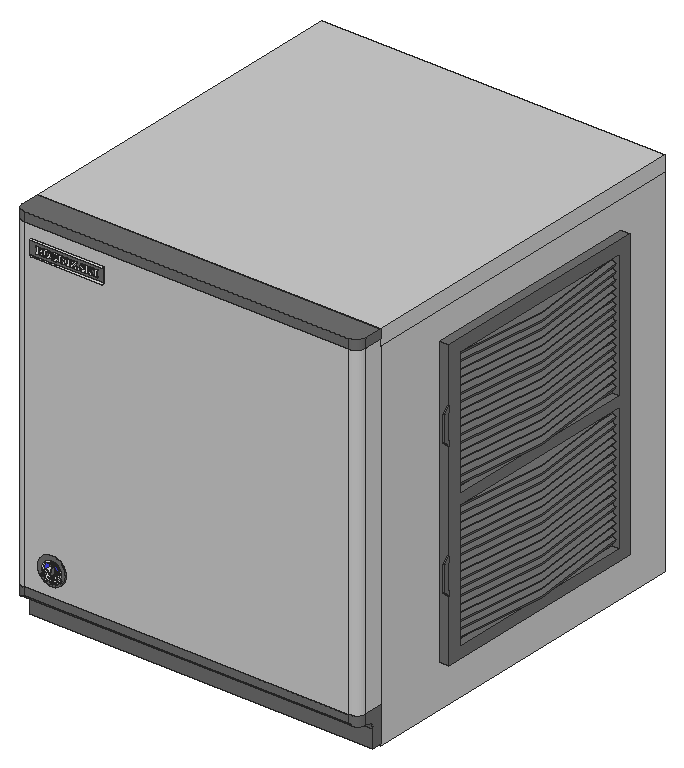
Revit family "QF_HOSHIZAKI_KMD-270ABE-R452", category Specialty Equipment, Revit 2016
Family settings
  Part Type = Normal
  Round Connector Dimension = Use Diameter
  OmniClass Number = 23.40.40.14
  OmniClass Title = Food Service Equipment
  Work Plane-Based = No
  Always vertical = Yes
  Cut with Voids When Loaded = No
  Shared = No
  Room Calculation Point = No
Parameters (values of type "KMD-270ABE-R452_230V/1Ph/50Hz")
  Weight = 57.00 kg
  Waste Remarks [instance] = ""
  Volts = 230 V
  URL Cutsheet = ""
  URL = "www.hoshizaki-europe.com"
  Status [instance] = ""
  Specification by User [instance] = ""
  Specification by Manufacturer [instance] = ""
  Serial Number = ""
  Seismic Rating = ""
  SMACNA No = ""
  Revision Code [instance] = ""
  Phase = 1
  Number of Poles = 2
  NAFEM Spec ID Number = ""
  Model = "KMD-270ABE-R452"
  Min Ckt Ampacity = 0 A
  Max Overcurrent Protection = 0 A
  Masterspec = ""
  Manufacturer = "HOSHIZAKI"
  Length Actual = 560 mm
  Item Number [instance] = ""
  Installed By [instance] = ""
  Indirect Waste Size = 19.05 mm
  Indirect Waste Connection Type [instance] = ""
  Indirect Waste Connection Height [instance] = 31 mm
  Identify Quantity as Lot [instance] = no
  Height Actual = 610 mm
  HP power = ""
  Furnished By [instance] = ""
  Foodservice Equipment Identifier [instance] = yes
  FL Amps = 4.2 A
  Electric power = 984 W
  Electric Connection Type [instance] = ""
  Elec Conn RI Height [instance] = 0 mm
  Elec Conn Connection Height [instance] = 587 mm
  Direct Waste RI Height [instance] = 0 mm
  Description = "MODULAR KM ICE MAKER, 275KG PER 24 HOURS, CRESCENT"
  Depth Actual = 625 mm
  Cycle = 50 Hz
  Cost = 0
  Conn Plug = ""
  Conn Conduit = no
  Cold Water Temperature Recommended = 0 °C
  Cold Water Size = 12.7 mm
  Cold Water Flow = 0.0 L/s
  Cold Water Connection Height [instance] = 546 mm
  CSI MasterFormat = ""
  Assembly Code = "E1090320"
  Apparent Power = 984 VA
  Accessory = no
Reference planes
  plane 1 "Center (Front/Back)": y = 0
  plane 2: z = 0
  plane 3 "Center (Left/Right)": x = 0
Forms (mm)
  Extrusion 1, solid, not visible
    sketch origin (506, -2, 586) x (1, 0, 0) y (0, 1, 0)
      loop
        line (0, 0) -> (2, 0) -> (2, 2) -> (0, 2) -> (0, 0)
    from 0 to 2
  Extrusion 2, solid, not visible
    sketch origin (323, -2, 545) x (1, 0, 0) y (0, 1, 0)
      loop
        line (0, 0) -> (2, 0) -> (2, 2) -> (0, 2) -> (0, 0)
    from 0 to 2
  Extrusion 3, solid, not visible
    sketch origin (385, -2, 30) x (1, 0, 0) y (0, 1, 0)
      loop
        line (0, 0) -> (2, 0) -> (2, 2) -> (0, 2) -> (0, 0)
    from 0 to 2
Dimensions and locks
  aligned and locked: level to plane 2
Nested families
  nested 1: "QF_HOSHIZAKI_KMD-270ABE-R452_230V_1Ph_50Hz" at (0, 0, 0), type "KMD-270ABE-R452_230V/1Ph/50Hz"
    with Show Logo yes, Show Clearance yes
Connectors
  electrical at (507, 0, 587), driven by "Apparent Power", driven by "Number of Poles", driven by "Volts"
    settings: on Extrusion 1, index 1, voltage 230 V, apparent load 0 VA, apparent load phase1 984 VA, apparent load phase2 0 VA, apparent load phase3 0 VA, power factor 1, load classification "Other", number of poles 2, system type 31, power factor state 1, is connector primary yes, connector utility no, sub classification motor no, connector description "Electric connection for 'KMD-270ABE-R452'"
  piping at (324, 0, 546), diameter 12.7, driven by "Cold Water Size", driven by "Cold Water Flow"
    settings: on Extrusion 2, index 2, connector inside diameter 609.6 mm, connector length 0 mm, flow factor 0, pipe flow 0.0 L/s, pressure drop 0.0 Pa, fitting loss kfactor 0, connector angle 0.00°, fixture units 0, engagement length 0 mm, angle of deflection 0.00°, flow configuration 1, flow direction 1, fitting loss method 0, system type 20, joint type 0, gender type 0, connector reference index -1, connector utility 0, adjustable connector no, is connector primary yes, connector description "Cold Water connection for 'KMD-270ABE-R452'"
  piping at (386, 0, 31), diameter 19.05, driven by "Indirect Waste Size"
    settings: on Extrusion 3, index 3, connector inside diameter 609.6 mm, connector length 0 mm, flow factor 0, pipe flow 0.0 L/s, pressure drop 0.0 Pa, fitting loss kfactor 0, connector angle 0.00°, fixture units 0, engagement length 0 mm, angle of deflection 0.00°, flow configuration 1, flow direction 2, fitting loss method 0, system type 16, joint type 0, gender type 0, connector reference index -1, connector utility 0, adjustable connector no, is connector primary no, connector description "Drain connection for 'KMD-270ABE-R452'"
Definition of nested family "QF_HOSHIZAKI_KMD-270ABE-R452_230V_1Ph_50Hz"
  Parameters (values of type "KMD-270ABE-R452_230V/1Ph/50Hz")
    URL = "www.hoshizaki-europe.com"
    Show Logo [instance] = yes
    Show Clearance [instance] = yes
    Model = "KMD-270ABE-R452"
    Manufacturer = "HOSHIZAKI"
    Description = "MODULAR KM ICE MAKER, 275KG PER 24 HOURS, CRESCENT"
    Assembly Code = "E1090320"
  Reference planes
    plane 1 "Back": y = 0
    plane 2: z = 0
    plane 3 "Left": x = 0
    plane 4 "Right": x = 560
    plane 5 "Front": y = -625
    plane 6 "Top": z = 610
  Forms (mm)
    Extrusion 1, solid
      sketch origin (0, 0, 40) x (0, 1, 0) y (0, 0, 1)
        loop
          line (0, -40) -> (0, 545) -> (-580, 545) -> (-580, -40) -> (0, -40)
      from 0 to 560
    Extrusion 2, solid
      sketch origin (0, 0, -85) x (0, 1, 0) y (0, 0, 1)
        loop
          line (-580, 695) -> (-580, 670) -> (0, 670) -> (0, 695) -> (-580, 695)
      from 560 to 0
    Extrusion 3, solid
      sketch origin (386, 5, 31) x (1, 0, 0) y (0, 0, 1)
        loop
          circle (0, 0) r 14
        loop
          circle (0, 0) r 12
      from 0 to 5
    Extrusion 4, solid
      sketch origin (324, 5, 546) x (1, 0, 0) y (0, 0, 1)
        loop
          circle (0, 0) r 14
        loop
          circle (0, 0) r 12
      from 0 to 5
    Extrusion 5, solid, visible <- "Show Logo"
      sketch origin (0, -625, 0) x (-1, 0, 0) y (0, 0, 1)
        loop
          line (-34.966, 567.015) -> (-40.766, 567.015) -> (-40.766, 565.73) -> (-38.944, 564.902) -> (-38.944, 562.682) -> (-43.554, 562.682) -> (-43.554, 564.902) -> (-41.731, 565.73) -> (-41.731, 567.015) -> (-47.532, 567.015) -> (-47.532, 565.73) -> (-46.098, 564.902) -> (-46.098, 558.114) -> (-47.532, 557.286) -> (-47.532, 556) -> (-41.731, 556) -> (-41.731, 557.286) -> (-43.554, 558.114) -> (-43.554, 560.673) -> (-38.944, 560.673) -> (-38.944, 558.114) -> (-40.766, 557.286) -> (-40.766, 556) -> (-34.966, 556) -> (-34.966, 557.286) -> (-36.4, 558.114) -> (-36.4, 564.902) -> (-34.966, 565.73) -> (-34.966, 567.015)
        loop
          spline (-53.399, 556.042) -> (-51.878, 556.229) -> (-50.461, 556.777) -> (-49.244, 557.649) -> (-48.31, 558.785) -> (-47.723, 560.108) -> (-47.523, 561.528) -> (-47.723, 562.949) -> (-48.31, 564.272) -> (-49.244, 565.408) -> (-50.461, 566.28) -> (-51.878, 566.828) -> (-53.399, 567.015)
          spline (-53.399, 567.015) -> (-54.92, 566.828) -> (-56.337, 566.28) -> (-57.554, 565.408) -> (-58.488, 564.272) -> (-59.075, 562.949) -> (-59.276, 561.528) -> (-59.075, 560.108) -> (-58.488, 558.785) -> (-57.554, 557.649) -> (-56.337, 556.777) -> (-54.92, 556.229) -> (-53.399, 556.042)
        loop
          spline (-53.299, 557.388) -> (-52.547, 557.529) -> (-51.847, 557.943) -> (-51.245, 558.601) -> (-50.784, 559.458) -> (-50.493, 560.457) -> (-50.394, 561.528) -> (-50.493, 562.6) -> (-50.784, 563.598) -> (-51.245, 564.456) -> (-51.847, 565.114) -> (-52.547, 565.527) -> (-53.299, 565.668)
          spline (-53.299, 565.668) -> (-54.051, 565.527) -> (-54.752, 565.114) -> (-55.353, 564.456) -> (-55.815, 563.598) -> (-56.105, 562.6) -> (-56.204, 561.528) -> (-56.105, 560.457) -> (-55.815, 559.458) -> (-55.353, 558.601) -> (-54.752, 557.943) -> (-54.051, 557.529) -> (-53.299, 557.388)
        loop
          line (-69.829, 567.094) -> (-69.829, 563.369) -> (-68.139, 563.369) -> (-66.541, 565.495)
          arc (-66.541, 565.495) -> (-65.019, 565.695) -> (-63.498, 565.495) r 5.879
          arc (-63.498, 565.495) -> (-62.682, 564.432) -> (-63.498, 563.369) r 1.1
          line (-63.498, 563.369) -> (-69.29, 561.817)
          arc (-69.29, 561.817) -> (-70.234, 559.317) -> (-69.29, 556.817) r 3.783
          arc (-69.29, 556.817) -> (-65.84, 555.742) -> (-62.391, 556.817) r 6.071
          line (-62.391, 556.817) -> (-61.743, 556.17) -> (-59.855, 556.17) -> (-59.855, 559.779) -> (-61.862, 559.779) -> (-63.839, 557.802)
          arc (-63.839, 557.802) -> (-65.344, 557.537) -> (-66.85, 557.802) r 4.401
          arc (-66.85, 557.802) -> (-67.476, 558.697) -> (-66.85, 559.592) r 0.953
          line (-66.85, 559.592) -> (-61.612, 561.499)
          arc (-61.612, 561.499) -> (-59.989, 563.999) -> (-61.612, 566.499) r 2.737
          arc (-61.612, 566.499) -> (-64.578, 567.129) -> (-67.544, 566.499) r 7.289
          line (-67.544, 566.499) -> (-68.139, 567.094) -> (-69.829, 567.094)
        loop
          line (-71.301, 567.015) -> (-77.102, 567.015) -> (-77.102, 565.73) -> (-75.279, 564.902) -> (-75.279, 562.682) -> (-79.89, 562.682) -> (-79.89, 564.902) -> (-78.067, 565.73) -> (-78.067, 567.015) -> (-83.867, 567.015) -> (-83.867, 565.73) -> (-82.433, 564.902) -> (-82.433, 558.114) -> (-83.867, 557.286) -> (-83.867, 556) -> (-78.067, 556) -> (-78.067, 557.286) -> (-79.89, 558.114) -> (-79.89, 560.673) -> (-75.279, 560.673) -> (-75.279, 558.114) -> (-77.102, 557.286) -> (-77.102, 556) -> (-71.301, 556) -> (-71.301, 557.286) -> (-72.736, 558.114) -> (-72.736, 564.902) -> (-71.301, 565.73) -> (-71.301, 567.015)
        loop
          line (-90.776, 567.015) -> (-90.776, 565.73) -> (-89.342, 564.902) -> (-89.342, 558.114) -> (-90.776, 557.286) -> (-90.776, 556) -> (-84.989, 556) -> (-84.989, 557.286) -> (-86.423, 558.114) -> (-86.423, 564.902) -> (-84.989, 565.73) -> (-84.989, 567.015) -> (-90.776, 567.015)
        loop
          line (-92.073, 567.015) -> (-101.842, 567.015) -> (-101.842, 565.297) -> (-95.543, 557.791) -> (-98.873, 557.791) -> (-100.144, 558.681) -> (-100.144, 560.456) -> (-101.842, 560.456) -> (-101.842, 556) -> (-92.073, 556) -> (-92.073, 557.791) -> (-97.907, 564.744) -> (-97.907, 565.637) -> (-94.625, 565.637) -> (-93.746, 564.758) -> (-93.746, 562.341) -> (-92.073, 562.341) -> (-92.073, 567.015)
        loop
          line (-102.808, 556) -> (-102.808, 557.427) -> (-103.934, 557.427) -> (-107.808, 567.015) -> (-109.97, 567.015) -> (-113.886, 557.791) -> (-114.741, 557.791) -> (-114.741, 556) -> (-109.113, 556) -> (-109.113, 557.427) -> (-110.221, 557.427) -> (-111.13, 558.335) -> (-110.247, 559.596) -> (-106.153, 559.596) -> (-105.593, 558.058) -> (-106.224, 557.427) -> (-107.808, 557.427) -> (-107.808, 556) -> (-102.808, 556)
        loop
          line (-115.159, 567.015) -> (-120.444, 567.015) -> (-120.444, 565.595) -> (-119.405, 565.595) -> (-119.405, 561.351) -> (-123.648, 565.595) -> (-122.274, 565.595) -> (-122.274, 567.015) -> (-127.274, 567.015) -> (-127.274, 565.595) -> (-125.79, 565.595) -> (-123.002, 562.806) -> (-127.274, 557.791) -> (-128.486, 557.791) -> (-128.486, 556) -> (-122.274, 556) -> (-122.274, 557.791) -> (-123.993, 557.791) -> (-120.99, 560.794) -> (-119.405, 559.209) -> (-119.405, 557.791) -> (-120.444, 557.791) -> (-120.444, 556) -> (-115.444, 556) -> (-115.444, 557.791) -> (-116.869, 557.791) -> (-116.869, 565.595) -> (-115.159, 565.595) -> (-115.159, 567.015)
        loop
          line (-135, 567.015) -> (-135, 565.73) -> (-133.566, 564.902) -> (-133.566, 558.114) -> (-135, 557.286) -> (-135, 556) -> (-129.213, 556) -> (-129.213, 557.286) -> (-130.648, 558.114) -> (-130.648, 564.902) -> (-129.213, 565.73) -> (-129.213, 567.015) -> (-135, 567.015)
        loop
          line (-108.15, 564.538) -> (-109.61, 561.096) -> (-106.759, 561.096) -> (-108.15, 564.538)
      from 1 to -1.5
    Extrusion 6, solid, visible <- "Show Logo"
      sketch origin (0, -625, 0) x (-1, 0, 0) y (0, 0, 1)
        loop
          line (-25, 572) -> (-145, 572) -> (-145, 551) -> (-25, 551) -> (-25, 572)
      from 1 to -1
    Extrusion 7, solid, visible <- "Show Logo"
      sketch origin (0, -625, 0) x (-1, 0, 0) y (0, 0, 1)
        loop
          line (-28, 575) -> (-142, 575)
          arc (-142, 575) -> (-144.121, 574.121) -> (-145, 572) r 3
          line (-145, 572) -> (-25, 572)
          arc (-25, 572) -> (-25.879, 574.121) -> (-28, 575) r 3
        loop
          line (-142, 548) -> (-28, 548)
          arc (-28, 548) -> (-25.879, 548.879) -> (-25, 551) r 3
          line (-25, 551) -> (-145, 551)
          arc (-145, 551) -> (-144.121, 548.879) -> (-142, 548) r 3
      from 1 to -1
    Extrusion 8, solid
      sketch origin (0, 0, 0) x (1, 0, 0) y (0, 1, 0)
        loop
          line (15, -625) -> (545, -625)
          arc (545, -625) -> (555.607, -620.607) -> (560, -610) r 15
          line (560, -610) -> (560, -580) -> (0, -580) -> (0, -610)
          arc (0, -610) -> (4.393, -620.607) -> (15, -625) r 15
      from 595 to 610
    Extrusion 9, solid
      sketch origin (0, 0, 2) x (1, 0, 0) y (0, 1, 0)
        loop
          line (0, -580) -> (0, -610)
          arc (0, -610) -> (4.393, -620.607) -> (15, -625) r 15
          line (15, -625) -> (545, -625)
          arc (545, -625) -> (555.607, -620.607) -> (560, -610) r 15
          line (560, -610) -> (560, -580) -> (0, -580)
      from 593 to 58
    Extrusion 10, solid, visible <- "Show Logo"
      sketch origin (519.884, -624.5, -1762.5) x (-1, 0, 0) y (0, 0, -1)
        loop
          circle (459.884, -1862.5) r 13.99
      from -0.5 to 2
    Extrusion 11, solid, visible <- "Show Logo"
      sketch origin (519.884, -625, -1762.5) x (-1, 0, 0) y (0, 0, -1)
        loop
          circle (459.884, -1862.5) r 15
        loop
          arc (446.884, -1862.5) -> (460.705, -1875.474) -> (472.781, -1860.863) r 13
          line (472.781, -1860.863) -> (470.355, -1858.437) -> (469.346, -1862.201) -> (466.355, -1863.928) -> (465.024, -1865.26) -> (463.375, -1865.26) -> (462.04, -1870.241) -> (457.755, -1870.241) -> (459.339, -1867.979) -> (460.402, -1864.014) -> (461.224, -1860.945) -> (462.416, -1856.497) -> (461.216, -1855.297) -> (459.433, -1857.843) -> (455.784, -1851.523) -> (460.361, -1851.523) -> (461.471, -1853.446) -> (469.213, -1853.446)
          arc (469.213, -1853.446) -> (460.394, -1849.51) -> (451.293, -1852.743) r 13
          line (451.293, -1852.743) -> (455.577, -1853.891) -> (453.752, -1856.497) -> (455.349, -1856.497) -> (454.477, -1866.459) -> (452.538, -1866.459) -> (446.884, -1862.5)
        loop
          line (447.853, -1857.467) -> (452.313, -1861.926) -> (450.144, -1853.891)
          arc (450.144, -1853.891) -> (448.878, -1855.602) -> (447.853, -1857.467) r 15.828
        loop
          line (463.583, -1862.877) -> (466.64, -1862.399) -> (464.901, -1861.285) -> (463.583, -1857.664) -> (463.583, -1862.877)
        loop
          line (464.827, -1855.979) -> (468.296, -1856.908) -> (469.573, -1854.916) -> (468.881, -1854.224) -> (467.914, -1855.035) -> (464.827, -1855.979)
        loop
          line (462.609, -1872.307) -> (462.609, -1874.009) -> (464.927, -1873.388) -> (462.609, -1872.307)
        loop
          line (460.361, -1874.662) -> (459.594, -1873.335) -> (460.801, -1872.638) -> (459.186, -1872.205) -> (458.298, -1874.11) -> (460.361, -1874.662)
        loop
          line (459.623, -1846.783) -> (460.706, -1845.701) -> (462.247, -1845.701) -> (461.191, -1844.645) -> (461.503, -1842.874) -> (459.623, -1843.959) -> (457.743, -1842.874) -> (458.055, -1844.645) -> (456.999, -1845.701) -> (458.54, -1845.701) -> (459.623, -1846.783)
        loop
          line (446.86, -1853.7) -> (446.594, -1852.191) -> (447.478, -1850.929) -> (446.007, -1851.188) -> (444.736, -1849.917) -> (444.547, -1852.08) -> (442.579, -1852.997) -> (444.209, -1853.757) -> (444.468, -1855.228) -> (445.352, -1853.965) -> (446.86, -1853.7)
        loop
          line (452.395, -1848.68) -> (452.856, -1847.219) -> (454.223, -1846.508) -> (452.799, -1846.059) -> (452.258, -1844.344) -> (451.091, -1846.175) -> (448.922, -1846.08) -> (450.017, -1847.507) -> (449.568, -1848.931) -> (450.935, -1848.219) -> (452.395, -1848.68)
        loop
          line (472.909, -1853.7) -> (474.417, -1853.965) -> (475.301, -1855.228) -> (475.56, -1853.757) -> (477.19, -1852.997) -> (475.222, -1852.08) -> (475.033, -1849.917) -> (473.761, -1851.188) -> (472.291, -1850.929) -> (473.175, -1852.191) -> (472.909, -1853.7)
        loop
          line (467.374, -1848.68) -> (468.834, -1848.219) -> (470.201, -1848.931) -> (469.752, -1847.507) -> (470.847, -1846.08) -> (468.678, -1846.175) -> (467.511, -1844.344) -> (466.97, -1846.059) -> (465.546, -1846.508) -> (466.913, -1847.219) -> (467.374, -1848.68)
      from 0 to 2
    Extrusion 12, solid, visible <- "Show Logo"
      sketch origin (519.884, -625, -1762.5) x (-1, 0, 0) y (0, 0, -1)
        loop
          line (462.609, -1874.009) -> (462.609, -1872.307) -> (462.085, -1870.241) -> (457.755, -1870.241) -> (459.339, -1867.979) -> (462.416, -1856.497) -> (461.216, -1855.297) -> (459.433, -1857.843) -> (455.808, -1851.565) -> (453.948, -1851.565) -> (455.577, -1853.891) -> (454.477, -1866.459) -> (456.345, -1871.339)
          arc (456.345, -1871.339) -> (456.868, -1874.025) -> (459.213, -1875.435) r 3.366
          arc (459.213, -1875.435) -> (460.198, -1875.496) -> (461.183, -1875.435) r 8.046
          line (461.183, -1875.435) -> (462.609, -1874.009)
        loop
          line (456.854, -1851.523) -> (460.361, -1851.523) -> (460.916, -1852.485) -> (462.702, -1852.485) -> (463.779, -1851.407) -> (460.623, -1851.407) -> (461.563, -1850.468) -> (456.245, -1850.468) -> (456.854, -1851.523)
        loop
          line (460.361, -1874.662) -> (459.594, -1873.335) -> (460.801, -1872.638) -> (459.186, -1872.205) -> (458.298, -1874.11) -> (460.361, -1874.662)
      from 0 to 2
    Extrusion 13, solid, visible <- "Show Logo"
      sketch origin (-265.5, -624, -338.904) x (1, 0, 0) y (0, 0, 1)
        loop
          circle (325.5, 438.904) r 22.5
      from 0 to 2
    Extrusion 14, solid
      sketch origin (432, -990, 209.5) x (-1, 0, 0) y (0, 0, 1)
        loop
          line (-128, 310.5) -> (-131, 310.5) -> (-131, -121.474) -> (-128, -121.474) -> (-128, 310.5)
      from 878 to 552
    Extrusion 15, solid
      sketch origin (560, -475, 61) x (0, -1, 0) y (0, 0, 1)
        loop
          line (-15, 9) -> (-15, 479) -> (-385, 479) -> (-385, 9) -> (-15, 9)
        loop
          line (-37, 459) -> (-363, 459) -> (-363, 251.013) -> (-37, 251.013) -> (-37, 459)
        loop
          line (-363, 27.026) -> (-37, 27.026) -> (-37, 235.013) -> (-363, 235.013) -> (-363, 27.026)
      from 0 to -16
    Extrusion 16, solid
      sketch origin (178.885, -588.25, 735.605) x (0, 1, 0) y (-0.866025, 0, 0.5)
        loop
          line (150.25, -443) -> (150.25, -450.484)
          arc (150.25, -450.484) -> (313.287, -462.644) -> (476.25, -449.54) r 1057.927
          line (476.25, -449.54) -> (476.25, -443) -> (150.25, -443)
      from 2 to 5
    Extrusion 17, solid
      sketch origin (178.885, -588.25, 723.605) x (0, 1, 0) y (-0.866025, 0, 0.5)
        loop
          line (150.25, -443) -> (150.25, -450.484)
          arc (150.25, -450.484) -> (313.287, -462.644) -> (476.25, -449.54) r 1057.927
          line (476.25, -449.54) -> (476.25, -443) -> (150.25, -443)
      from 2 to 5
    Extrusion 18, solid
      sketch origin (178.885, -588.25, 711.605) x (0, 1, 0) y (-0.866025, 0, 0.5)
        loop
          line (150.25, -443) -> (150.25, -450.484)
          arc (150.25, -450.484) -> (313.287, -462.644) -> (476.25, -449.54) r 1057.927
          line (476.25, -449.54) -> (476.25, -443) -> (150.25, -443)
      from 2 to 5
    Extrusion 19, solid
      sketch origin (178.885, -588.25, 699.605) x (0, 1, 0) y (-0.866025, 0, 0.5)
        loop
          line (150.25, -443) -> (150.25, -450.484)
          arc (150.25, -450.484) -> (313.287, -462.644) -> (476.25, -449.54) r 1057.927
          line (476.25, -449.54) -> (476.25, -443) -> (150.25, -443)
      from 2 to 5
    Extrusion 20, solid
      sketch origin (178.885, -588.25, 687.605) x (0, 1, 0) y (-0.866025, 0, 0.5)
        loop
          line (150.25, -443) -> (150.25, -450.484)
          arc (150.25, -450.484) -> (313.287, -462.644) -> (476.25, -449.54) r 1057.927
          line (476.25, -449.54) -> (476.25, -443) -> (150.25, -443)
      from 2 to 5
    Extrusion 21, solid
      sketch origin (178.885, -588.25, 675.605) x (0, 1, 0) y (-0.866025, 0, 0.5)
        loop
          line (150.25, -443) -> (150.25, -450.484)
          arc (150.25, -450.484) -> (313.287, -462.644) -> (476.25, -449.54) r 1057.927
          line (476.25, -449.54) -> (476.25, -443) -> (150.25, -443)
      from 2 to 5
    Extrusion 22, solid
      sketch origin (178.885, -588.25, 663.605) x (0, 1, 0) y (-0.866025, 0, 0.5)
        loop
          line (150.25, -443) -> (150.25, -450.484)
          arc (150.25, -450.484) -> (313.287, -462.644) -> (476.25, -449.54) r 1057.927
          line (476.25, -449.54) -> (476.25, -443) -> (150.25, -443)
      from 2 to 5
    Extrusion 23, solid
      sketch origin (178.885, -588.25, 651.605) x (0, 1, 0) y (-0.866025, 0, 0.5)
        loop
          line (150.25, -443) -> (150.25, -450.484)
          arc (150.25, -450.484) -> (313.287, -462.644) -> (476.25, -449.54) r 1057.927
          line (476.25, -449.54) -> (476.25, -443) -> (150.25, -443)
      from 2 to 5
    Extrusion 24, solid
      sketch origin (178.885, -588.25, 639.605) x (0, 1, 0) y (-0.866025, 0, 0.5)
        loop
          line (150.25, -443) -> (150.25, -450.484)
          arc (150.25, -450.484) -> (313.287, -462.644) -> (476.25, -449.54) r 1057.927
          line (476.25, -449.54) -> (476.25, -443) -> (150.25, -443)
      from 2 to 5
    Extrusion 25, solid
      sketch origin (178.885, -588.25, 627.605) x (0, 1, 0) y (-0.866025, 0, 0.5)
        loop
          line (150.25, -443) -> (150.25, -450.484)
          arc (150.25, -450.484) -> (313.287, -462.644) -> (476.25, -449.54) r 1057.927
          line (476.25, -449.54) -> (476.25, -443) -> (150.25, -443)
      from 2 to 5
    Extrusion 26, solid
      sketch origin (178.885, -588.25, 615.605) x (0, 1, 0) y (-0.866025, 0, 0.5)
        loop
          line (150.25, -443) -> (150.25, -450.484)
          arc (150.25, -450.484) -> (313.287, -462.644) -> (476.25, -449.54) r 1057.927
          line (476.25, -449.54) -> (476.25, -443) -> (150.25, -443)
      from 2 to 5
    Extrusion 27, solid
      sketch origin (178.885, -588.25, 603.605) x (0, 1, 0) y (-0.866025, 0, 0.5)
        loop
          line (150.25, -443) -> (150.25, -450.484)
          arc (150.25, -450.484) -> (313.287, -462.644) -> (476.25, -449.54) r 1057.927
          line (476.25, -449.54) -> (476.25, -443) -> (150.25, -443)
      from 2 to 5
    Extrusion 28, solid
      sketch origin (178.885, -588.25, 591.605) x (0, 1, 0) y (-0.866025, 0, 0.5)
        loop
          line (150.25, -443) -> (150.25, -450.484)
          arc (150.25, -450.484) -> (313.287, -462.644) -> (476.25, -449.54) r 1057.927
          line (476.25, -449.54) -> (476.25, -443) -> (150.25, -443)
      from 2 to 5
    Extrusion 29, solid
      sketch origin (178.885, -588.25, 579.605) x (0, 1, 0) y (-0.866025, 0, 0.5)
        loop
          line (150.25, -443) -> (150.25, -450.484)
          arc (150.25, -450.484) -> (313.287, -462.644) -> (476.25, -449.54) r 1057.927
          line (476.25, -449.54) -> (476.25, -443) -> (150.25, -443)
      from 2 to 5
    Extrusion 30, solid
      sketch origin (178.885, -588.25, 567.605) x (0, 1, 0) y (-0.866025, 0, 0.5)
        loop
          line (150.25, -443) -> (150.25, -450.484)
          arc (150.25, -450.484) -> (313.287, -462.644) -> (476.25, -449.54) r 1057.927
          line (476.25, -449.54) -> (476.25, -443) -> (150.25, -443)
      from 2 to 5
    Extrusion 31, solid
      sketch origin (178.885, -588.25, 555.605) x (0, 1, 0) y (-0.866025, 0, 0.5)
        loop
          line (150.25, -443) -> (150.25, -450.484)
          arc (150.25, -450.484) -> (313.287, -462.644) -> (476.25, -449.54) r 1057.927
          line (476.25, -449.54) -> (476.25, -443) -> (150.25, -443)
      from 2 to 5
    Extrusion 32, solid
      sketch origin (178.885, -588.25, 543.605) x (0, 1, 0) y (-0.866025, 0, 0.5)
        loop
          line (150.25, -443) -> (150.25, -450.484)
          arc (150.25, -450.484) -> (313.287, -462.644) -> (476.25, -449.54) r 1057.927
          line (476.25, -449.54) -> (476.25, -443) -> (150.25, -443)
      from 2 to 5
    Extrusion 33, solid
      sketch origin (178.885, -588.25, 511.618) x (0, 1, 0) y (-0.866025, 0, 0.5)
        loop
          line (150.25, -443) -> (150.25, -450.484)
          arc (150.25, -450.484) -> (313.287, -462.644) -> (476.25, -449.54) r 1057.927
          line (476.25, -449.54) -> (476.25, -443) -> (150.25, -443)
      from 2 to 5
    Extrusion 34, solid
      sketch origin (178.885, -588.25, 499.618) x (0, 1, 0) y (-0.866025, 0, 0.5)
        loop
          line (150.25, -443) -> (150.25, -450.484)
          arc (150.25, -450.484) -> (313.287, -462.644) -> (476.25, -449.54) r 1057.927
          line (476.25, -449.54) -> (476.25, -443) -> (150.25, -443)
      from 2 to 5
    Extrusion 35, solid
      sketch origin (178.885, -588.25, 487.618) x (0, 1, 0) y (-0.866025, 0, 0.5)
        loop
          line (150.25, -443) -> (150.25, -450.484)
          arc (150.25, -450.484) -> (313.287, -462.644) -> (476.25, -449.54) r 1057.927
          line (476.25, -449.54) -> (476.25, -443) -> (150.25, -443)
      from 2 to 5
    Extrusion 36, solid
      sketch origin (178.885, -588.25, 475.618) x (0, 1, 0) y (-0.866025, 0, 0.5)
        loop
          line (150.25, -443) -> (150.25, -450.484)
          arc (150.25, -450.484) -> (313.287, -462.644) -> (476.25, -449.54) r 1057.927
          line (476.25, -449.54) -> (476.25, -443) -> (150.25, -443)
      from 2 to 5
    Extrusion 37, solid
      sketch origin (178.885, -588.25, 463.618) x (0, 1, 0) y (-0.866025, 0, 0.5)
        loop
          line (150.25, -443) -> (150.25, -450.484)
          arc (150.25, -450.484) -> (313.287, -462.644) -> (476.25, -449.54) r 1057.927
          line (476.25, -449.54) -> (476.25, -443) -> (150.25, -443)
      from 2 to 5
    Extrusion 38, solid
      sketch origin (178.885, -588.25, 451.618) x (0, 1, 0) y (-0.866025, 0, 0.5)
        loop
          line (150.25, -443) -> (150.25, -450.484)
          arc (150.25, -450.484) -> (313.287, -462.644) -> (476.25, -449.54) r 1057.927
          line (476.25, -449.54) -> (476.25, -443) -> (150.25, -443)
      from 2 to 5
    Extrusion 39, solid
      sketch origin (178.885, -588.25, 439.618) x (0, 1, 0) y (-0.866025, 0, 0.5)
        loop
          line (150.25, -443) -> (150.25, -450.484)
          arc (150.25, -450.484) -> (313.287, -462.644) -> (476.25, -449.54) r 1057.927
          line (476.25, -449.54) -> (476.25, -443) -> (150.25, -443)
      from 2 to 5
    Extrusion 40, solid
      sketch origin (178.885, -588.25, 427.618) x (0, 1, 0) y (-0.866025, 0, 0.5)
        loop
          line (150.25, -443) -> (150.25, -450.484)
          arc (150.25, -450.484) -> (313.287, -462.644) -> (476.25, -449.54) r 1057.927
          line (476.25, -449.54) -> (476.25, -443) -> (150.25, -443)
      from 2 to 5
    Extrusion 41, solid
      sketch origin (178.885, -588.25, 415.618) x (0, 1, 0) y (-0.866025, 0, 0.5)
        loop
          line (150.25, -443) -> (150.25, -450.484)
          arc (150.25, -450.484) -> (313.287, -462.644) -> (476.25, -449.54) r 1057.927
          line (476.25, -449.54) -> (476.25, -443) -> (150.25, -443)
      from 2 to 5
    Extrusion 42, solid
      sketch origin (178.885, -588.25, 403.618) x (0, 1, 0) y (-0.866025, 0, 0.5)
        loop
          line (150.25, -443) -> (150.25, -450.484)
          arc (150.25, -450.484) -> (313.287, -462.644) -> (476.25, -449.54) r 1057.927
          line (476.25, -449.54) -> (476.25, -443) -> (150.25, -443)
      from 2 to 5
    Extrusion 43, solid
      sketch origin (178.885, -588.25, 391.618) x (0, 1, 0) y (-0.866025, 0, 0.5)
        loop
          line (150.25, -443) -> (150.25, -450.484)
          arc (150.25, -450.484) -> (313.287, -462.644) -> (476.25, -449.54) r 1057.927
          line (476.25, -449.54) -> (476.25, -443) -> (150.25, -443)
      from 2 to 5
    Extrusion 44, solid
      sketch origin (178.885, -588.25, 379.618) x (0, 1, 0) y (-0.866025, 0, 0.5)
        loop
          line (150.25, -443) -> (150.25, -450.484)
          arc (150.25, -450.484) -> (313.287, -462.644) -> (476.25, -449.54) r 1057.927
          line (476.25, -449.54) -> (476.25, -443) -> (150.25, -443)
      from 2 to 5
    Extrusion 45, solid
      sketch origin (178.885, -588.25, 367.618) x (0, 1, 0) y (-0.866025, 0, 0.5)
        loop
          line (150.25, -443) -> (150.25, -450.484)
          arc (150.25, -450.484) -> (313.287, -462.644) -> (476.25, -449.54) r 1057.927
          line (476.25, -449.54) -> (476.25, -443) -> (150.25, -443)
      from 2 to 5
    Extrusion 46, solid
      sketch origin (178.885, -588.25, 355.618) x (0, 1, 0) y (-0.866025, 0, 0.5)
        loop
          line (150.25, -443) -> (150.25, -450.484)
          arc (150.25, -450.484) -> (313.287, -462.644) -> (476.25, -449.54) r 1057.927
          line (476.25, -449.54) -> (476.25, -443) -> (150.25, -443)
      from 2 to 5
    Extrusion 47, solid
      sketch origin (178.885, -588.25, 343.618) x (0, 1, 0) y (-0.866025, 0, 0.5)
        loop
          line (150.25, -443) -> (150.25, -450.484)
          arc (150.25, -450.484) -> (313.287, -462.644) -> (476.25, -449.54) r 1057.927
          line (476.25, -449.54) -> (476.25, -443) -> (150.25, -443)
      from 2 to 5
    Extrusion 48, solid
      sketch origin (178.885, -588.25, 331.618) x (0, 1, 0) y (-0.866025, 0, 0.5)
        loop
          line (150.25, -443) -> (150.25, -450.484)
          arc (150.25, -450.484) -> (313.287, -462.644) -> (476.25, -449.54) r 1057.927
          line (476.25, -449.54) -> (476.25, -443) -> (150.25, -443)
      from 2 to 5
    Extrusion 49, solid
      sketch origin (178.885, -588.25, 319.618) x (0, 1, 0) y (-0.866025, 0, 0.5)
        loop
          line (150.25, -443) -> (150.25, -450.484)
          arc (150.25, -450.484) -> (313.287, -462.644) -> (476.25, -449.54) r 1057.927
          line (476.25, -449.54) -> (476.25, -443) -> (150.25, -443)
      from 2 to 5
    Extrusion 50, solid
      sketch origin (0, 0, 0) x (0, 1, 0) y (0, 0, 1)
        loop
          line (-625, 60) -> (-625, 47)
          arc (-625, 47) -> (-624.121, 44.879) -> (-622, 44) r 3
          line (-622, 44) -> (-608.703, 44)
          arc (-608.703, 44) -> (-599.673, 40.351) -> (-595.711, 31.454) r 13
          line (-595.711, 31.454) -> (-594.7, 2.5) -> (-580, 2.5) -> (-580, 60) -> (-625, 60)
      from 0 to 560
    Extrusion 51, solid
      sketch origin (774, -607.25, 186) x (0, 1, 0) y (0, 0, 1)
        loop
          line (147.25, 264) -> (138.179, 254.929) -> (138.179, 213.929) -> (147.25, 204.858) -> (147.25, 213.343) -> (144.179, 216.414) -> (144.179, 252.443) -> (147.25, 255.515) -> (147.25, 264)
      from -198 to -200
    Extrusion 52, solid
      sketch origin (774, -607.25, -34) x (0, 1, 0) y (0, 0, 1)
        loop
          line (147.25, 264) -> (138.179, 254.929) -> (138.179, 213.929) -> (147.25, 204.858) -> (147.25, 213.343) -> (144.179, 216.414) -> (144.179, 252.443) -> (147.25, 255.515) -> (147.25, 264)
      from -198 to -200
    Extrusion 53, void
      sketch origin (0, 0, 0) x (1, 0, 0) y (0, 1, 0)
        loop
          line (0, -610) -> (-3, -610) -> (-3, -628) -> (15, -628) -> (15, -625)
          arc (15, -625) -> (4.393, -620.607) -> (0, -610) r 15
        loop
          arc (560, -610) -> (555.607, -620.607) -> (545, -625) r 15
          line (545, -625) -> (545, -628) -> (563, -628) -> (563, -610) -> (560, -610)
      from 39 to 60
  Cuts and joins
    Extrusion 53 cuts Extrusion 50
  Lines and regions (mm)
    symbolic lines
      curve 1: line (0, 0, 0) -> (560, 0, 0)
      curve 2: line (0, -610, 0) -> (0, 0, 0)
      curve 3: line (545, -625, 0) -> (15, -625, 0)
      curve 4: line (560, 0, 0) -> (560, -610, 0)
      curve 5: arc (15, -625, 0) -> (4.393, -620.607, 0) -> (0, -610, 0) r 15
      curve 6: arc (560, -610, 0) -> (555.607, -620.607, 0) -> (545, -625, 0) r 15
      curve 7: line (560, -580, 0) -> (0, -580, 0)
      curve 8: line (560, -90, 0) -> (576, -90, 0)
      curve 9: line (576, -90, 0) -> (576, -460, 0)
      curve 10: line (576, -460, 0) -> (560, -460, 0)
  Dimensions and locks
    plane 3 "Left" to plane 4 "Right" = 560 mm
    plane 5 "Front" to plane 1 "Back" = 625 mm
    plane 6 "Top" to level = 610 mm
    aligned and locked: level to plane 2
